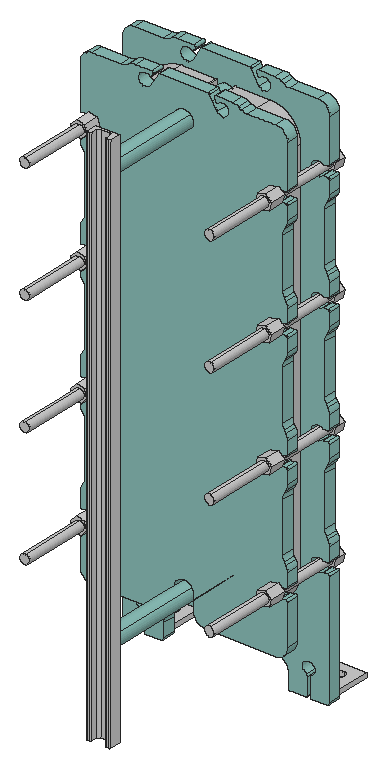
Revit family "Ekin_Endüstriyel - MIT514", category Specialty Equipment, Revit 2022
Family settings
  Round Connector Dimension = Use Diameter
  Part Type = Normal
  Work Plane-Based = No
  Always vertical = No
  Cut with Voids When Loaded = No
  Maintain Annotation Orientation = No
  Shared = No
  Room Calculation Point = No
Parameters (values of type "Threaded")
  URL = "https://en.ekinendustriyel.com/plate-heat-exchanger"
  Type Comments = ""
  Tightening Bolt [instance] = if(Design Pressure < 1006634.6 Pa, 16.00 mm, 30.00 mm)  # 16.00 mm
  Threaded Connection = yes
  Thickness_of_Plate [instance] = 0.50 mm  # constant formula
  Number_of_Plate [instance] = 20
  Model = if(Threaded Connection, if(Hygienic, if(Design Pressure < 1100000.0 Pa, "H12340000DD50L", if(Design Pressure < 1600000.0 Pa, " H12340000DD50M", " H12340000DD50H")), if(Design Pressure < 1000000.0 Pa, "E1234000DD50L", if(Design Pressure < 1600000.0 Pa, " E12340000DD50M", " E12340000DD50H"))), if(Hygienic, if(Design Pressure < 1100000.0 Pa, "H12340000F50L", if(Design Pressure < 1600000.0 Pa, " H12340000F50M", " H12340000F50H")), if(Design Pressure < 1000000.0 Pa, "E12340000F50L", if(Design Pressure < 1600000.0 Pa, " E12340000F50M", " E12340000F50H"))))  # "H12340000DD50L"
  Material = Galvanized Steel- S235JR
  Manufacturer = "Ekin Endüstriyel"
  M30 [instance] = Design Pressure > 1000000.0 Pa  # no
  M16 = Design Pressure < 1000001.0 Pa  # yes
  Lk [instance] = (Number_of_Plate) * ((Thickness_of_Plate) + 2.95 mm)  # 69.00 mm
  Lh [instance] = 920.00 mm  # constant formula
  Lf [instance] = 812.00 mm  # constant formula
  Lc [instance] = if(Number_of_Plate < 26, 250.00 mm, if(Number_of_Plate < 41, 350.00 mm, if(Number_of_Plate < 66, 500.00 mm, if(Number_of_Plate < 116, 750.00 mm, 1000.00 mm))))  # 250.00 mm
  La [instance] = 350.00 mm  # constant formula
  Keynote = ""
  Industrial [instance] = not(Hygienic)  # no
  Hygienic = yes
  Head & Follower Plate [instance] = if(Design Pressure < 1006634.6 Pa, 20.00 mm, if(Design Pressure < 1606478.4 Pa, 25.00 mm, 30.00 mm))  # 20.00 mm
  Follower Plate [instance] = -(Head & Follower Plate)  # -20.00 mm
  Flange Connection [instance] = not(Threaded Connection)  # no
  Design Pressure = 100 psi
  Description = if(Design Pressure < 1006634.6 Pa, "MIT - Heat Exchanger - 10 bar", if(Design Pressure < 1599583.7 Pa, " MIT - Heat Exchanger - 16 bar", " MIT - Heat Exchanger - 25 bar"))  # "MIT - Heat Exchanger - 10 bar"
  Default Elevation = 0.00 mm
Reference planes
  plane 1 "Center (Front/Back)": y = 0
  plane 2: z = 0
  plane 3 "Center (Left/Right)": x = 0
  plane 4: x = 1160
  plane 5: x = -1000
  plane 6 "2": y = -89
  plane 7 "1": y = -20
  plane 8 "3": y = -270
  plane 9 "Bolt End": y = 18.7
  plane 10: y = -250
Forms (mm)
  Extrusion 1, solid, material "Galvanized Steel", visible <- "Flange Connection", detail levels fine
    sketch origin (0, 0, 0) x (1, 0, 0) y (0, 0, 1)
      loop
        line (-106.715, 912) -> (-155, 912)
        arc (-155, 912) -> (-169.142, 906.142) -> (-175, 892) r 20
        line (-175, 892) -> (-175, 819.25)
        arc (-175, 819.25) -> (-174.121, 817.129) -> (-172, 816.25) r 3
        line (-172, 816.25) -> (-164.917, 816.25)
        arc (-164.917, 816.25) -> (-163.96, 816.407) -> (-163.103, 816.86) r 3
        arc (-163.103, 816.86) -> (-144.251, 807.5) -> (-163.103, 798.14) r 11.75
        arc (-163.103, 798.14) -> (-163.96, 798.593) -> (-164.917, 798.75) r 3
        line (-164.917, 798.75) -> (-172, 798.75)
        arc (-172, 798.75) -> (-174.121, 797.871) -> (-175, 795.75) r 3
        line (-175, 795.75) -> (-175, 774.215)
        arc (-175, 774.215) -> (-174.319, 769.039) -> (-172.321, 764.215) r 20
        line (-172.321, 764.215) -> (-169.679, 759.641)
        arc (-169.679, 759.641) -> (-167.681, 754.817) -> (-167, 749.641) r 20
        line (-167, 749.641) -> (-167, 665.359)
        arc (-167, 665.359) -> (-167.681, 660.183) -> (-169.679, 655.359) r 20
        line (-169.679, 655.359) -> (-172.321, 650.785)
        arc (-172.321, 650.785) -> (-174.319, 645.961) -> (-175, 640.785) r 20
        line (-175, 640.785) -> (-175, 619.25)
        arc (-175, 619.25) -> (-174.121, 617.129) -> (-172, 616.25) r 3
        line (-172, 616.25) -> (-164.917, 616.25)
        arc (-164.917, 616.25) -> (-163.96, 616.407) -> (-163.103, 616.86) r 3
        arc (-163.103, 616.86) -> (-144.251, 607.5) -> (-163.103, 598.14) r 11.75
        arc (-163.103, 598.14) -> (-163.96, 598.593) -> (-164.917, 598.75) r 3
        line (-164.917, 598.75) -> (-172, 598.75)
        arc (-172, 598.75) -> (-174.121, 597.871) -> (-175, 595.75) r 3
        line (-175, 595.75) -> (-175, 574.215)
        arc (-175, 574.215) -> (-174.319, 569.039) -> (-172.321, 564.215) r 20
        line (-172.321, 564.215) -> (-169.679, 559.641)
        arc (-169.679, 559.641) -> (-167.681, 554.817) -> (-167, 549.641) r 20
        line (-167, 549.641) -> (-167, 465.359)
        arc (-167, 465.359) -> (-167.681, 460.183) -> (-169.679, 455.359) r 20
        line (-169.679, 455.359) -> (-172.321, 450.785)
        arc (-172.321, 450.785) -> (-174.319, 445.961) -> (-175, 440.785) r 20
        line (-175, 440.785) -> (-175, 419.25)
        arc (-175, 419.25) -> (-174.121, 417.129) -> (-172, 416.25) r 3
        line (-172, 416.25) -> (-164.917, 416.25)
        arc (-164.917, 416.25) -> (-163.96, 416.407) -> (-163.103, 416.86) r 3
        arc (-163.103, 416.86) -> (-144.251, 407.5) -> (-163.103, 398.14) r 11.75
        arc (-163.103, 398.14) -> (-163.96, 398.593) -> (-164.917, 398.75) r 3
        line (-164.917, 398.75) -> (-172, 398.75)
        arc (-172, 398.75) -> (-174.121, 397.871) -> (-175, 395.75) r 3
        line (-175, 395.75) -> (-175, 374.215)
        arc (-175, 374.215) -> (-174.319, 369.039) -> (-172.321, 364.215) r 20
        line (-172.321, 364.215) -> (-169.679, 359.641)
        arc (-169.679, 359.641) -> (-167.681, 354.817) -> (-167, 349.641) r 20
        line (-167, 349.641) -> (-167, 265.359)
        arc (-167, 265.359) -> (-167.681, 260.183) -> (-169.679, 255.359) r 20
        line (-169.679, 255.359) -> (-172.321, 250.785)
        arc (-172.321, 250.785) -> (-174.319, 245.961) -> (-175, 240.785) r 20
        line (-175, 240.785) -> (-175, 219.25)
        arc (-175, 219.25) -> (-174.121, 217.129) -> (-172, 216.25) r 3
        line (-172, 216.25) -> (-164.917, 216.25)
        arc (-164.917, 216.25) -> (-163.96, 216.407) -> (-163.103, 216.86) r 3
        arc (-163.103, 216.86) -> (-144.251, 207.5) -> (-163.103, 198.14) r 11.75
        arc (-163.103, 198.14) -> (-163.96, 198.593) -> (-164.917, 198.75) r 3
        line (-164.917, 198.75) -> (-172, 198.75)
        arc (-172, 198.75) -> (-174.121, 197.871) -> (-175, 195.75) r 3
        line (-175, 195.75) -> (-175, 5)
        arc (-175, 5) -> (-173.536, 1.464) -> (-170, 0) r 5
        line (-170, 0) -> (-145.5, 0)
        arc (-145.5, 0) -> (-143.379, 0.879) -> (-142.5, 3) r 3
        line (-142.5, 3) -> (-142.5, 32.126)
        arc (-142.5, 32.126) -> (-142.996, 33.779) -> (-144.321, 34.884) r 3
        arc (-144.321, 34.884) -> (-140, 56) -> (-135.679, 34.884) r 11
        arc (-135.679, 34.884) -> (-137.004, 33.779) -> (-137.5, 32.126) r 3
        line (-137.5, 32.126) -> (-137.5, 3)
        arc (-137.5, 3) -> (-136.621, 0.879) -> (-134.5, 0) r 3
        line (-134.5, 0) -> (-110, 0)
        arc (-110, 0) -> (-106.464, 1.464) -> (-105, 5) r 5
        line (-105, 5) -> (-105, 28.787)
        arc (-105, 28.787) -> (-103.858, 34.527) -> (-100.607, 39.393) r 15
        line (-100.607, 39.393) -> (-74.393, 65.607)
        arc (-74.393, 65.607) -> (-69.527, 68.858) -> (-63.787, 70) r 15
        line (-63.787, 70) -> (63.787, 70)
        arc (63.787, 70) -> (69.527, 68.858) -> (74.393, 65.607) r 15
        line (74.393, 65.607) -> (100.607, 39.393)
        arc (100.607, 39.393) -> (103.858, 34.527) -> (105, 28.787) r 15
        line (105, 28.787) -> (105, 5)
        arc (105, 5) -> (106.464, 1.464) -> (110, 0) r 5
        line (110, 0) -> (134.5, 0)
        arc (134.5, 0) -> (136.621, 0.879) -> (137.5, 3) r 3
        line (137.5, 3) -> (137.5, 32.126)
        arc (137.5, 32.126) -> (137.004, 33.779) -> (135.679, 34.884) r 3
        arc (135.679, 34.884) -> (140, 56) -> (144.321, 34.884) r 11
        arc (144.321, 34.884) -> (142.996, 33.779) -> (142.5, 32.126) r 3
        line (142.5, 32.126) -> (142.5, 3)
        arc (142.5, 3) -> (143.379, 0.879) -> (145.5, 0) r 3
        line (145.5, 0) -> (170, 0)
        arc (170, 0) -> (173.536, 1.464) -> (175, 5) r 5
        line (175, 5) -> (175, 195.75)
        arc (175, 195.75) -> (174.121, 197.871) -> (172, 198.75) r 3
        line (172, 198.75) -> (164.917, 198.75)
        arc (164.917, 198.75) -> (163.96, 198.593) -> (163.103, 198.14) r 3
        arc (163.103, 198.14) -> (144.251, 207.5) -> (163.103, 216.86) r 11.75
        arc (163.103, 216.86) -> (163.96, 216.407) -> (164.917, 216.25) r 3
        line (164.917, 216.25) -> (172, 216.25)
        arc (172, 216.25) -> (174.121, 217.129) -> (175, 219.25) r 3
        line (175, 219.25) -> (175, 240.785)
        arc (175, 240.785) -> (174.319, 245.961) -> (172.321, 250.785) r 20
        line (172.321, 250.785) -> (169.679, 255.359)
        arc (169.679, 255.359) -> (167.681, 260.183) -> (167, 265.359) r 20
        line (167, 265.359) -> (167, 349.641)
        arc (167, 349.641) -> (167.681, 354.817) -> (169.679, 359.641) r 20
        line (169.679, 359.641) -> (172.321, 364.215)
        arc (172.321, 364.215) -> (174.319, 369.039) -> (175, 374.215) r 20
        line (175, 374.215) -> (175, 395.75)
        arc (175, 395.75) -> (174.121, 397.871) -> (172, 398.75) r 3
        line (172, 398.75) -> (164.917, 398.75)
        arc (164.917, 398.75) -> (163.96, 398.593) -> (163.103, 398.14) r 3
        arc (163.103, 398.14) -> (144.251, 407.5) -> (163.103, 416.86) r 11.75
        arc (163.103, 416.86) -> (163.96, 416.407) -> (164.917, 416.25) r 3
        line (164.917, 416.25) -> (172, 416.25)
        arc (172, 416.25) -> (174.121, 417.129) -> (175, 419.25) r 3
        line (175, 419.25) -> (175, 440.785)
        arc (175, 440.785) -> (174.319, 445.961) -> (172.321, 450.785) r 20
        line (172.321, 450.785) -> (169.679, 455.359)
        arc (169.679, 455.359) -> (167.681, 460.183) -> (167, 465.359) r 20
        line (167, 465.359) -> (167, 549.641)
        arc (167, 549.641) -> (167.681, 554.817) -> (169.679, 559.641) r 20
        line (169.679, 559.641) -> (172.321, 564.215)
        arc (172.321, 564.215) -> (174.319, 569.039) -> (175, 574.215) r 20
        line (175, 574.215) -> (175, 595.75)
        arc (175, 595.75) -> (174.121, 597.871) -> (172, 598.75) r 3
        line (172, 598.75) -> (164.917, 598.75)
        arc (164.917, 598.75) -> (163.96, 598.593) -> (163.103, 598.14) r 3
        arc (163.103, 598.14) -> (144.251, 607.5) -> (163.103, 616.86) r 11.75
        arc (163.103, 616.86) -> (163.96, 616.407) -> (164.917, 616.25) r 3
        line (164.917, 616.25) -> (172, 616.25)
        arc (172, 616.25) -> (174.121, 617.129) -> (175, 619.25) r 3
        line (175, 619.25) -> (175, 640.785)
        arc (175, 640.785) -> (174.319, 645.961) -> (172.321, 650.785) r 20
        line (172.321, 650.785) -> (169.679, 655.359)
        arc (169.679, 655.359) -> (167.681, 660.183) -> (167, 665.359) r 20
        line (167, 665.359) -> (167, 749.641)
        arc (167, 749.641) -> (167.681, 754.817) -> (169.679, 759.641) r 20
        line (169.679, 759.641) -> (172.321, 764.215)
        arc (172.321, 764.215) -> (174.319, 769.039) -> (175, 774.215) r 20
        line (175, 774.215) -> (175, 795.75)
        arc (175, 795.75) -> (174.121, 797.871) -> (172, 798.75) r 3
        line (172, 798.75) -> (164.917, 798.75)
        arc (164.917, 798.75) -> (163.96, 798.593) -> (163.103, 798.14) r 3
        arc (163.103, 798.14) -> (144.251, 807.5) -> (163.103, 816.86) r 11.75
        arc (163.103, 816.86) -> (163.96, 816.407) -> (164.917, 816.25) r 3
        line (164.917, 816.25) -> (172, 816.25)
        arc (172, 816.25) -> (174.121, 817.129) -> (175, 819.25) r 3
        line (175, 819.25) -> (175, 892)
        arc (175, 892) -> (169.142, 906.142) -> (155, 912) r 20
        line (155, 912) -> (106.715, 912)
        arc (106.715, 912) -> (101.539, 912.681) -> (96.715, 914.679) r 20
        line (96.715, 914.679) -> (92.141, 917.321)
        arc (92.141, 917.321) -> (87.317, 919.319) -> (82.141, 920) r 20
        line (82.141, 920) -> (54.608, 920)
        arc (54.608, 920) -> (52.01, 918.5) -> (52.01, 915.5) r 3
        line (52.01, 915.5) -> (53.742, 912.5)
        arc (53.742, 912.5) -> (55.773, 911.054) -> (58.196, 911.643) r 3
        arc (58.196, 911.643) -> (75.802, 900.921) -> (55.474, 897.5) r 11
        line (55.474, 897.5) -> (43.349, 918.5)
        arc (43.349, 918.5) -> (42.251, 919.598) -> (40.751, 920) r 3
        line (40.751, 920) -> (-40.751, 920)
        arc (-40.751, 920) -> (-42.251, 919.598) -> (-43.349, 918.5) r 3
        line (-43.349, 918.5) -> (-55.474, 897.5)
        arc (-55.474, 897.5) -> (-75.802, 900.921) -> (-58.196, 911.643) r 11
        arc (-58.196, 911.643) -> (-55.773, 911.054) -> (-53.742, 912.5) r 3
        line (-53.742, 912.5) -> (-52.01, 915.5)
        arc (-52.01, 915.5) -> (-52.01, 918.5) -> (-54.608, 920) r 3
        line (-54.608, 920) -> (-82.141, 920)
        arc (-82.141, 920) -> (-87.317, 919.319) -> (-92.141, 917.321) r 20
        line (-92.141, 917.321) -> (-96.715, 914.679)
        arc (-96.715, 914.679) -> (-101.539, 912.681) -> (-106.715, 912) r 20
      loop
        circle (-70, 827.5) r 32.5
      loop
        circle (70, 827.5) r 32.5
      loop
        circle (-70, 187.5) r 32.5
      loop
        circle (70, 187.5) r 32.5
      loop
        circle (-112, 145.5) r 7
      loop
        circle (112, 145.5) r 7
      loop
        circle (28, 145.5) r 7
      loop
        circle (-28, 145.5) r 7
      loop
        circle (-112, 229.5) r 7
      loop
        circle (112, 229.5) r 7
      loop
        circle (28, 229.5) r 7
      loop
        circle (-28, 229.5) r 7
      loop
        circle (-112, 785.5) r 7
      loop
        circle (112, 785.5) r 7
      loop
        circle (28, 785.5) r 7
      loop
        circle (-28, 785.5) r 7
      loop
        circle (-112, 869.5) r 7
      loop
        circle (112, 869.5) r 7
      loop
        circle (28, 869.5) r 7
      loop
        circle (-28, 869.5) r 7
      loop
        circle (0, 149) r 6.25
      loop
        circle (0, 866) r 6.25
    from 0 to 20 <- "Head & Follower Plate"
  Extrusion 2, solid, material "AISI 316L/Titanium/Hastelloy", detail levels fine
    sketch origin (0, -20, 0) x (-1, 0, 0) y (0, 0, 1)
      loop
        line (-125, 832.5) -> (-125, 182.5)
        arc (-125, 182.5) -> (-110.355, 147.145) -> (-75, 132.5) r 50
        line (-75, 132.5) -> (-17, 132.5)
        arc (-17, 132.5) -> (-15.586, 133.086) -> (-15, 134.5) r 2
        line (-15, 134.5) -> (-15, 149.5)
        arc (-15, 149.5) -> (0, 164.5) -> (15, 149.5) r 15
        line (15, 149.5) -> (15, 134.5)
        arc (15, 134.5) -> (15.586, 133.086) -> (17, 132.5) r 2
        line (17, 132.5) -> (75, 132.5)
        arc (75, 132.5) -> (110.355, 147.145) -> (125, 182.5) r 50
        line (125, 182.5) -> (125, 832.5)
        arc (125, 832.5) -> (110.355, 867.855) -> (75, 882.5) r 50
        line (75, 882.5) -> (17, 882.5)
        arc (17, 882.5) -> (15.586, 881.914) -> (15, 880.5) r 2
        line (15, 880.5) -> (15, 865.5)
        arc (15, 865.5) -> (0, 850.5) -> (-15, 865.5) r 15
        line (-15, 865.5) -> (-15, 880.5)
        arc (-15, 880.5) -> (-15.586, 881.914) -> (-17, 882.5) r 2
        line (-17, 882.5) -> (-75, 882.5)
        arc (-75, 882.5) -> (-110.355, 867.855) -> (-125, 832.5) r 50
      loop
        circle (70, 827.5) r 32.5
      loop
        circle (-70, 827.5) r 32.5
      loop
        circle (-70, 187.5) r 32.5
      loop
        circle (70, 187.5) r 32.5
    from 0 to -69
  Extrusion 3, solid, material "Galvanized Steel", detail levels fine
    sketch origin (0, -89, 0) x (-1, 0, 0) y (0, 0, 1)
      loop
        arc (-16.5, 153) -> (0, 169.5) -> (16.5, 153) r 16.5
        line (16.5, 153) -> (16.5, 127.5)
        arc (16.5, 127.5) -> (22.358, 113.358) -> (36.5, 107.5) r 20
        line (36.5, 107.5) -> (155, 107.5)
        arc (155, 107.5) -> (169.142, 113.358) -> (175, 127.5) r 20
        line (175, 127.5) -> (175, 195.751)
        arc (175, 195.751) -> (174.121, 197.872) -> (172, 198.751) r 3
        line (172, 198.751) -> (164.917, 198.751)
        arc (164.917, 198.751) -> (163.96, 198.594) -> (163.103, 198.14) r 3
        arc (163.103, 198.14) -> (144.25, 207.5) -> (163.103, 216.86) r 11.75
        arc (163.103, 216.86) -> (163.96, 216.406) -> (164.917, 216.249) r 3
        line (164.917, 216.249) -> (172, 216.249)
        arc (172, 216.249) -> (174.121, 217.128) -> (175, 219.249) r 3
        line (175, 219.249) -> (175, 240.785)
        arc (175, 240.785) -> (174.319, 245.961) -> (172.321, 250.785) r 20
        line (172.321, 250.785) -> (169.679, 255.359)
        arc (169.679, 255.359) -> (167.681, 260.183) -> (167, 265.359) r 20
        line (167, 265.359) -> (167, 349.641)
        arc (167, 349.641) -> (167.681, 354.817) -> (169.679, 359.641) r 20
        line (169.679, 359.641) -> (172.321, 364.215)
        arc (172.321, 364.215) -> (174.319, 369.039) -> (175, 374.215) r 20
        line (175, 374.215) -> (175, 395.751)
        arc (175, 395.751) -> (174.121, 397.872) -> (172, 398.751) r 3
        line (172, 398.751) -> (164.917, 398.751)
        arc (164.917, 398.751) -> (163.96, 398.594) -> (163.103, 398.14) r 3
        arc (163.103, 398.14) -> (144.25, 407.5) -> (163.103, 416.86) r 11.75
        arc (163.103, 416.86) -> (163.96, 416.406) -> (164.917, 416.249) r 3
        line (164.917, 416.249) -> (172, 416.249)
        arc (172, 416.249) -> (174.121, 417.128) -> (175, 419.249) r 3
        line (175, 419.249) -> (175, 440.785)
        arc (175, 440.785) -> (174.319, 445.961) -> (172.321, 450.785) r 20
        line (172.321, 450.785) -> (169.679, 455.359)
        arc (169.679, 455.359) -> (167.681, 460.183) -> (167, 465.359) r 20
        line (167, 465.359) -> (167, 549.641)
        arc (167, 549.641) -> (167.681, 554.817) -> (169.679, 559.641) r 20
        line (169.679, 559.641) -> (172.321, 564.215)
        arc (172.321, 564.215) -> (174.319, 569.039) -> (175, 574.215) r 20
        line (175, 574.215) -> (175, 595.751)
        arc (175, 595.751) -> (174.121, 597.872) -> (172, 598.751) r 3
        line (172, 598.751) -> (164.917, 598.751)
        arc (164.917, 598.751) -> (163.96, 598.594) -> (163.103, 598.14) r 3
        arc (163.103, 598.14) -> (144.25, 607.5) -> (163.103, 616.86) r 11.75
        arc (163.103, 616.86) -> (163.96, 616.406) -> (164.917, 616.249) r 3
        line (164.917, 616.249) -> (172, 616.249)
        arc (172, 616.249) -> (174.121, 617.128) -> (175, 619.249) r 3
        line (175, 619.249) -> (175, 640.785)
        arc (175, 640.785) -> (174.319, 645.961) -> (172.321, 650.785) r 20
        line (172.321, 650.785) -> (169.679, 655.359)
        arc (169.679, 655.359) -> (167.681, 660.183) -> (167, 665.359) r 20
        line (167, 665.359) -> (167, 749.641)
        arc (167, 749.641) -> (167.681, 754.817) -> (169.679, 759.641) r 20
        line (169.679, 759.641) -> (172.321, 764.215)
        arc (172.321, 764.215) -> (174.319, 769.039) -> (175, 774.215) r 20
        line (175, 774.215) -> (175, 795.751)
        arc (175, 795.751) -> (174.121, 797.872) -> (172, 798.751) r 3
        line (172, 798.751) -> (164.917, 798.751)
        arc (164.917, 798.751) -> (163.96, 798.594) -> (163.103, 798.141) r 3
        arc (163.103, 798.141) -> (144.25, 807.501) -> (163.103, 816.86) r 11.75
        arc (163.103, 816.86) -> (163.96, 816.407) -> (164.917, 816.25) r 3
        line (164.917, 816.25) -> (172, 816.25)
        arc (172, 816.25) -> (174.121, 817.129) -> (175, 819.25) r 3
        line (175, 819.25) -> (175, 892)
        arc (175, 892) -> (169.142, 906.142) -> (155, 912) r 20
        line (155, 912) -> (106.715, 912)
        arc (106.715, 912) -> (101.539, 912.681) -> (96.715, 914.679) r 20
        line (96.715, 914.679) -> (92.141, 917.321)
        arc (92.141, 917.321) -> (87.317, 919.319) -> (82.141, 920) r 20
        line (82.141, 920) -> (54.608, 920)
        arc (54.608, 920) -> (52.01, 918.5) -> (52.01, 915.5) r 3
        line (52.01, 915.5) -> (53.742, 912.5)
        arc (53.742, 912.5) -> (55.773, 911.054) -> (58.196, 911.643) r 3
        arc (58.196, 911.643) -> (75.802, 900.921) -> (55.474, 897.5) r 11
        line (55.474, 897.5) -> (43.349, 918.5)
        arc (43.349, 918.5) -> (42.251, 919.598) -> (40.751, 920) r 3
        line (40.751, 920) -> (-40.751, 920)
        arc (-40.751, 920) -> (-42.251, 919.598) -> (-43.349, 918.5) r 3
        line (-43.349, 918.5) -> (-55.474, 897.5)
        arc (-55.474, 897.5) -> (-75.802, 900.921) -> (-58.196, 911.643) r 11
        arc (-58.196, 911.643) -> (-55.773, 911.054) -> (-53.742, 912.5) r 3
        line (-53.742, 912.5) -> (-52.01, 915.5)
        arc (-52.01, 915.5) -> (-52.01, 918.5) -> (-54.608, 920) r 3
        line (-54.608, 920) -> (-82.141, 920)
        arc (-82.141, 920) -> (-87.317, 919.319) -> (-92.141, 917.321) r 20
        line (-92.141, 917.321) -> (-96.715, 914.679)
        arc (-96.715, 914.679) -> (-101.539, 912.681) -> (-106.715, 912) r 20
        line (-106.715, 912) -> (-155, 912)
        arc (-155, 912) -> (-169.142, 906.142) -> (-175, 892) r 20
        line (-175, 892) -> (-175, 819.25)
        arc (-175, 819.25) -> (-174.121, 817.129) -> (-172, 816.25) r 3
        line (-172, 816.25) -> (-164.917, 816.25)
        arc (-164.917, 816.25) -> (-163.96, 816.407) -> (-163.103, 816.86) r 3
        arc (-163.103, 816.86) -> (-144.25, 807.501) -> (-163.103, 798.141) r 11.75
        arc (-163.103, 798.141) -> (-163.96, 798.594) -> (-164.917, 798.751) r 3
        line (-164.917, 798.751) -> (-172, 798.751)
        arc (-172, 798.751) -> (-174.121, 797.872) -> (-175, 795.751) r 3
        line (-175, 795.751) -> (-175, 774.215)
        arc (-175, 774.215) -> (-174.319, 769.039) -> (-172.321, 764.215) r 20
        line (-172.321, 764.215) -> (-169.679, 759.641)
        arc (-169.679, 759.641) -> (-167.681, 754.817) -> (-167, 749.641) r 20
        line (-167, 749.641) -> (-167, 665.359)
        arc (-167, 665.359) -> (-167.681, 660.183) -> (-169.679, 655.359) r 20
        line (-169.679, 655.359) -> (-172.321, 650.785)
        arc (-172.321, 650.785) -> (-174.319, 645.961) -> (-175, 640.785) r 20
        line (-175, 640.785) -> (-175, 619.249)
        arc (-175, 619.249) -> (-174.121, 617.128) -> (-172, 616.249) r 3
        line (-172, 616.249) -> (-164.917, 616.249)
        arc (-164.917, 616.249) -> (-163.96, 616.406) -> (-163.103, 616.86) r 3
        arc (-163.103, 616.86) -> (-144.25, 607.5) -> (-163.103, 598.14) r 11.75
        arc (-163.103, 598.14) -> (-163.96, 598.594) -> (-164.917, 598.751) r 3
        line (-164.917, 598.751) -> (-172, 598.751)
        arc (-172, 598.751) -> (-174.121, 597.872) -> (-175, 595.751) r 3
        line (-175, 595.751) -> (-175, 574.215)
        arc (-175, 574.215) -> (-174.319, 569.039) -> (-172.321, 564.215) r 20
        line (-172.321, 564.215) -> (-169.679, 559.641)
        arc (-169.679, 559.641) -> (-167.681, 554.817) -> (-167, 549.641) r 20
        line (-167, 549.641) -> (-167, 465.359)
        arc (-167, 465.359) -> (-167.681, 460.183) -> (-169.679, 455.359) r 20
        line (-169.679, 455.359) -> (-172.321, 450.785)
        arc (-172.321, 450.785) -> (-174.319, 445.961) -> (-175, 440.785) r 20
        line (-175, 440.785) -> (-175, 419.249)
        arc (-175, 419.249) -> (-174.121, 417.128) -> (-172, 416.249) r 3
        line (-172, 416.249) -> (-164.917, 416.249)
        arc (-164.917, 416.249) -> (-163.96, 416.406) -> (-163.103, 416.86) r 3
        arc (-163.103, 416.86) -> (-144.25, 407.5) -> (-163.103, 398.14) r 11.75
        arc (-163.103, 398.14) -> (-163.96, 398.594) -> (-164.917, 398.751) r 3
        line (-164.917, 398.751) -> (-172, 398.751)
        arc (-172, 398.751) -> (-174.121, 397.872) -> (-175, 395.751) r 3
        line (-175, 395.751) -> (-175, 374.215)
        arc (-175, 374.215) -> (-174.319, 369.039) -> (-172.321, 364.215) r 20
        line (-172.321, 364.215) -> (-169.679, 359.641)
        arc (-169.679, 359.641) -> (-167.681, 354.817) -> (-167, 349.641) r 20
        line (-167, 349.641) -> (-167, 265.359)
        arc (-167, 265.359) -> (-167.681, 260.183) -> (-169.679, 255.359) r 20
        line (-169.679, 255.359) -> (-172.321, 250.785)
        arc (-172.321, 250.785) -> (-174.319, 245.961) -> (-175, 240.785) r 20
        line (-175, 240.785) -> (-175, 219.249)
        arc (-175, 219.249) -> (-174.121, 217.128) -> (-172, 216.249) r 3
        line (-172, 216.249) -> (-164.917, 216.249)
        arc (-164.917, 216.249) -> (-163.96, 216.406) -> (-163.103, 216.86) r 3
        arc (-163.103, 216.86) -> (-144.25, 207.5) -> (-163.103, 198.14) r 11.75
        arc (-163.103, 198.14) -> (-163.96, 198.594) -> (-164.917, 198.751) r 3
        line (-164.917, 198.751) -> (-172, 198.751)
        arc (-172, 198.751) -> (-174.121, 197.872) -> (-175, 195.751) r 3
        line (-175, 195.751) -> (-175, 127.5)
        arc (-175, 127.5) -> (-169.142, 113.358) -> (-155, 107.5) r 20
        line (-155, 107.5) -> (-36.5, 107.5)
        arc (-36.5, 107.5) -> (-22.358, 113.358) -> (-16.5, 127.5) r 20
        line (-16.5, 127.5) -> (-16.5, 153)
      loop
        circle (0, 866) r 16
    from -20 <- "Follower Plate" to 0
  Extrusion 4, solid, material "Galvanized Steel"
    sketch origin (0, -20, 0) x (-1, 0, 0) y (0, 0, 1)
      loop
        circle (0, 866) r 15
      loop
        circle (0, 149) r 15
    from -250 to 0
  Extrusion 5, solid, material "Galvanized Steel- S235JR", visible <- "M16", detail levels medium+fine
    sketch origin (0, 0, 0) x (1, 0, 0) y (0, 0, 1)
      loop
        circle (-156.001, 207.5) r 8
      loop
        circle (-156.001, 407.5) r 8
      loop
        circle (-156.001, 607.5) r 8
      loop
        circle (-156.001, 807.5) r 8
      loop
        circle (155.999, 807.5) r 8
      loop
        circle (155.999, 607.5) r 8
      loop
        circle (155.999, 407.5) r 8
      loop
        circle (155.999, 207.5) r 8
    from 250 to 0
  Extrusion 6, solid, material "Galvanized Steel", detail levels medium
    sketch origin (0, 0, 0) x (1, 0, 0) y (0, 0, 1)
      loop
        line (-101.356, 912) -> (-175, 912) -> (-175, 768.856) -> (-167, 755) -> (-167, 660) -> (-175, 646.144) -> (-175, 568.856) -> (-167, 555) -> (-167, 460) -> (-175, 446.144) -> (-175, 368.856) -> (-167, 355) -> (-167, 260) -> (-175, 246.144) -> (-175, 0) -> (-105, 0) -> (-105, 35) -> (-70, 70) -> (70, 70) -> (105, 35) -> (105, 0) -> (175, 0) -> (175, 246.144) -> (167, 260) -> (167, 355) -> (175, 368.856) -> (175, 446.144) -> (167, 460) -> (167, 555) -> (175, 568.856) -> (175, 646.144) -> (167, 660) -> (167, 755) -> (175, 768.856) -> (175, 912) -> (101.356, 912) -> (87.5, 920) -> (-87.5, 920) -> (-101.356, 912)
      loop
        circle (-70, 827.5) r 32.5
      loop
        circle (-70, 187.5) r 32.5
      loop
        circle (0, 149) r 6.25
      loop
        circle (0, 866) r 6.25
      loop
        circle (-65, 903) r 11
      loop
        circle (-156.001, 207.5) r 11.75
      loop
        circle (-140, 45) r 11
      loop
        circle (-156.001, 407.5) r 11.75
      loop
        circle (-156.001, 807.5) r 11.75
      loop
        circle (-156.001, 607.5) r 11.75
      loop
        circle (70, 827.5) r 32.5
      loop
        circle (70, 187.5) r 32.5
      loop
        circle (65, 903) r 11
      loop
        circle (156.001, 207.5) r 11.75
      loop
        circle (140, 45) r 11
      loop
        circle (156.001, 407.5) r 11.75
      loop
        circle (156.001, 807.5) r 11.75
      loop
        circle (156.001, 607.5) r 11.75
    from 0 to 20 <- "Head & Follower Plate"
  Extrusion 7, solid, material "Painted Stell", detail levels medium+fine
    sketch origin (0, 0, 318) x (-1, 0, 0) y (0, -1, 0)
      loop
        line (20, 270) -> (20, 288)
        arc (20, 288) -> (19.414, 289.414) -> (18, 290) r 2
        line (18, 290) -> (14, 290)
        arc (14, 290) -> (12.586, 289.414) -> (12, 288) r 2
        line (12, 288) -> (12, 280)
        arc (12, 280) -> (10.536, 276.464) -> (7, 275) r 5
        line (7, 275) -> (-7, 275)
        arc (-7, 275) -> (-10.536, 276.464) -> (-12, 280) r 5
        line (-12, 280) -> (-12, 288)
        arc (-12, 288) -> (-12.586, 289.414) -> (-14, 290) r 2
        line (-14, 290) -> (-18, 290)
        arc (-18, 290) -> (-19.414, 289.414) -> (-20, 288) r 2
        line (-20, 288) -> (-20, 270) -> (20, 270)
    from -318 to 602
  Extrusion 8, solid, material "Galvanized Steel- S235JR", visible <- "M16", detail levels medium+fine
    sketch origin (0, 0, 0) x (1, 0, 0) y (0, 0, 1)
      loop
        line (169.412, 810.98) -> (159.692, 820.855) -> (146.28, 817.375) -> (142.587, 804.02) -> (152.307, 794.145) -> (165.719, 797.625) -> (169.412, 810.98)
      loop
        line (-169.412, 810.98) -> (-165.719, 797.625) -> (-152.307, 794.145) -> (-142.587, 804.02) -> (-146.28, 817.375) -> (-159.692, 820.855) -> (-169.412, 810.98)
      loop
        line (169.412, 610.98) -> (159.692, 620.855) -> (146.28, 617.375) -> (142.587, 604.02) -> (152.307, 594.145) -> (165.719, 597.625) -> (169.412, 610.98)
      loop
        line (-169.412, 610.98) -> (-165.719, 597.625) -> (-152.307, 594.145) -> (-142.587, 604.02) -> (-146.28, 617.375) -> (-159.692, 620.855) -> (-169.412, 610.98)
      loop
        line (169.412, 410.98) -> (159.692, 420.855) -> (146.28, 417.375) -> (142.587, 404.02) -> (152.307, 394.145) -> (165.719, 397.625) -> (169.412, 410.98)
      loop
        line (-169.412, 410.98) -> (-165.719, 397.625) -> (-152.307, 394.145) -> (-142.587, 404.02) -> (-146.28, 417.375) -> (-159.692, 420.855) -> (-169.412, 410.98)
      loop
        line (169.412, 210.98) -> (159.692, 220.855) -> (146.28, 217.375) -> (142.587, 204.02) -> (152.307, 194.145) -> (165.719, 197.625) -> (169.412, 210.98)
      loop
        line (-169.412, 210.98) -> (-165.719, 197.625) -> (-152.307, 194.145) -> (-142.587, 204.02) -> (-146.28, 217.375) -> (-159.692, 220.855) -> (-169.412, 210.98)
    from 0 to -18.7
  Extrusion 9, solid, material "Galvanized Steel- S235JR", visible <- "M16", detail levels medium+fine
    sketch origin (0, -109, 0) x (1, 0, 0) y (0, 0, 1)
      loop
        line (169.492, 810.654) -> (160.015, 820.762) -> (146.522, 817.608) -> (142.507, 804.346) -> (151.984, 794.238) -> (165.477, 797.392) -> (169.492, 810.654)
      loop
        line (169.492, 610.654) -> (160.015, 620.762) -> (146.522, 617.608) -> (142.507, 604.346) -> (151.984, 594.238) -> (165.477, 597.392) -> (169.492, 610.654)
      loop
        line (169.492, 410.656) -> (160.015, 420.765) -> (146.522, 417.611) -> (142.507, 404.349) -> (151.984, 394.241) -> (165.477, 397.395) -> (169.492, 410.656)
      loop
        line (169.492, 210.654) -> (160.015, 220.762) -> (146.522, 217.608) -> (142.507, 204.346) -> (151.984, 194.238) -> (165.477, 197.392) -> (169.492, 210.654)
      loop
        line (-169.492, 810.654) -> (-165.477, 797.392) -> (-151.984, 794.238) -> (-142.507, 804.346) -> (-146.522, 817.608) -> (-160.015, 820.762) -> (-169.492, 810.654)
      loop
        line (-169.492, 610.654) -> (-165.477, 597.392) -> (-151.984, 594.238) -> (-142.507, 604.346) -> (-146.522, 617.608) -> (-160.015, 620.762) -> (-169.492, 610.654)
      loop
        line (-169.492, 410.656) -> (-165.477, 397.395) -> (-151.984, 394.241) -> (-142.507, 404.349) -> (-146.522, 417.611) -> (-160.015, 420.765) -> (-169.492, 410.656)
      loop
        line (-169.492, 210.654) -> (-165.477, 197.392) -> (-151.984, 194.238) -> (-142.507, 204.346) -> (-146.522, 217.608) -> (-160.015, 220.762) -> (-169.492, 210.654)
    from 0 to 26.7
  Extrusion 10, solid, material "Galvanized Steel- S235JR", visible <- "M30", detail levels medium+fine
    sketch origin (0, -109, 0) x (1, 0, 0) y (0, 0, 1)
      loop
        line (-182.984, 613.807) -> (-174.953, 587.283) -> (-147.968, 580.976) -> (-129.013, 601.193) -> (-137.043, 627.717) -> (-164.029, 634.024) -> (-182.984, 613.807)
      loop
        line (-182.984, 813.807) -> (-174.953, 787.283) -> (-147.968, 780.976) -> (-129.013, 801.193) -> (-137.043, 827.717) -> (-164.029, 834.024) -> (-182.984, 813.807)
      loop
        line (-182.984, 413.807) -> (-174.953, 387.283) -> (-147.968, 380.976) -> (-129.013, 401.193) -> (-137.043, 427.717) -> (-164.029, 434.024) -> (-182.984, 413.807)
      loop
        line (-182.984, 213.807) -> (-174.953, 187.283) -> (-147.968, 180.976) -> (-129.013, 201.193) -> (-137.043, 227.717) -> (-164.029, 234.024) -> (-182.984, 213.807)
      loop
        line (182.984, 613.807) -> (164.029, 634.024) -> (137.043, 627.717) -> (129.013, 601.193) -> (147.968, 580.976) -> (174.953, 587.283) -> (182.984, 613.807)
      loop
        line (182.984, 813.807) -> (164.029, 834.024) -> (137.043, 827.717) -> (129.013, 801.193) -> (147.968, 780.976) -> (174.953, 787.283) -> (182.984, 813.807)
      loop
        line (182.984, 413.807) -> (164.029, 434.024) -> (137.043, 427.717) -> (129.013, 401.193) -> (147.968, 380.976) -> (174.953, 387.283) -> (182.984, 413.807)
      loop
        line (182.984, 213.807) -> (164.029, 234.024) -> (137.043, 227.717) -> (129.013, 201.193) -> (147.968, 180.976) -> (174.953, 187.283) -> (182.984, 213.807)
    from 0 to 26.7
  Extrusion 11, solid, material "Galvanized Steel- S235JR", visible <- "M30", detail levels medium+fine
    sketch origin (0, 0, 0) x (1, 0, 0) y (0, 0, 1)
      loop
        line (-182.824, 614.46) -> (-175.439, 587.749) -> (-148.614, 580.789) -> (-129.175, 600.54) -> (-136.56, 627.251) -> (-163.384, 634.211) -> (-182.824, 614.46)
      loop
        line (-182.824, 814.46) -> (-175.439, 787.749) -> (-148.614, 780.789) -> (-129.175, 800.54) -> (-136.56, 827.251) -> (-163.384, 834.211) -> (-182.824, 814.46)
      loop
        line (-182.824, 414.459) -> (-175.439, 387.749) -> (-148.614, 380.789) -> (-129.175, 400.54) -> (-136.56, 427.25) -> (-163.384, 434.21) -> (-182.824, 414.459)
      loop
        line (-182.824, 214.459) -> (-175.439, 187.749) -> (-148.614, 180.789) -> (-129.175, 200.54) -> (-136.56, 227.25) -> (-163.384, 234.21) -> (-182.824, 214.459)
      loop
        line (182.824, 614.46) -> (163.384, 634.211) -> (136.56, 627.251) -> (129.175, 600.54) -> (148.614, 580.789) -> (175.439, 587.749) -> (182.824, 614.46)
      loop
        line (182.824, 814.46) -> (163.384, 834.211) -> (136.56, 827.251) -> (129.175, 800.54) -> (148.614, 780.789) -> (175.439, 787.749) -> (182.824, 814.46)
      loop
        line (182.824, 414.459) -> (163.384, 434.21) -> (136.56, 427.25) -> (129.175, 400.54) -> (148.614, 380.789) -> (175.439, 387.749) -> (182.824, 414.459)
      loop
        line (182.824, 214.459) -> (163.384, 234.21) -> (136.56, 227.25) -> (129.175, 200.54) -> (148.614, 180.789) -> (175.439, 187.749) -> (182.824, 214.459)
    from 0 to -20.261
  Extrusion 12, solid, material "Painted Stell", visible <- "Flange Connection", detail levels fine
    sketch origin (0, 0, 0) x (1, 0, 0) y (0, 0, 1)
      loop
        line (115.5, 885) -> (24.5, 885) -> (12.5, 873) -> (12.5, 782) -> (24.5, 770) -> (115.5, 770) -> (127.5, 782) -> (127.5, 873) -> (115.5, 885)
      loop
        circle (70, 827.5) r 31.5
      loop
        circle (112, 869.5) r 9.5
      loop
        circle (28, 869.5) r 9.5
      loop
        circle (112, 785.5) r 9.5
      loop
        circle (28, 785.5) r 9.5
      loop
        line (-115.5, 885) -> (-127.5, 873) -> (-127.5, 782) -> (-115.5, 770) -> (-24.5, 770) -> (-12.5, 782) -> (-12.5, 873) -> (-24.5, 885) -> (-115.5, 885)
      loop
        circle (-70, 827.5) r 31.5
      loop
        circle (-112, 869.5) r 9.5
      loop
        circle (-28, 869.5) r 9.5
      loop
        circle (-112, 785.5) r 9.5
      loop
        circle (-28, 785.5) r 9.5
      loop
        line (115.5, 245) -> (24.5, 245) -> (12.5, 233) -> (12.5, 142) -> (24.5, 130) -> (115.5, 130) -> (127.5, 142) -> (127.5, 233) -> (115.5, 245)
      loop
        circle (70, 187.5) r 31.5
      loop
        circle (112, 229.5) r 9.5
      loop
        circle (28, 229.5) r 9.5
      loop
        circle (112, 145.5) r 9.5
      loop
        circle (28, 145.5) r 9.5
      loop
        line (-115.5, 245) -> (-127.5, 233) -> (-127.5, 142) -> (-115.5, 130) -> (-24.5, 130) -> (-12.5, 142) -> (-12.5, 233) -> (-24.5, 245) -> (-115.5, 245)
      loop
        circle (-70, 187.5) r 31.5
      loop
        circle (-112, 229.5) r 9.5
      loop
        circle (-28, 229.5) r 9.5
      loop
        circle (-112, 145.5) r 9.5
      loop
        circle (-28, 145.5) r 9.5
    from 0 to -15
  Extrusion 13, solid, material "Painted Stell", visible <- "Flange Connection", detail levels medium
    sketch origin (0, 0, 0) x (1, 0, 0) y (0, 0, 1)
      loop
        line (115.5, 885) -> (24.5, 885) -> (12.5, 873) -> (12.5, 782) -> (24.5, 770) -> (115.5, 770) -> (127.5, 782) -> (127.5, 873) -> (115.5, 885)
      loop
        circle (70, 827.5) r 31.5
      loop
        line (-115.5, 885) -> (-127.5, 873) -> (-127.5, 782) -> (-115.5, 770) -> (-24.5, 770) -> (-12.5, 782) -> (-12.5, 873) -> (-24.5, 885) -> (-115.5, 885)
      loop
        circle (-70, 827.5) r 31.5
      loop
        line (115.5, 245) -> (24.5, 245) -> (12.5, 233) -> (12.5, 142) -> (24.5, 130) -> (115.5, 130) -> (127.5, 142) -> (127.5, 233) -> (115.5, 245)
      loop
        circle (70, 187.5) r 31.5
      loop
        line (-115.5, 245) -> (-127.5, 233) -> (-127.5, 142) -> (-115.5, 130) -> (-24.5, 130) -> (-12.5, 142) -> (-12.5, 233) -> (-24.5, 245) -> (-115.5, 245)
      loop
        circle (-70, 187.5) r 31.5
    from 0 to -15
  Extrusion 14, solid, material "Painted Stell", visible <- "Flange Connection", detail levels coarse
    sketch origin (0, 0, 0) x (1, 0, 0) y (0, 0, 1)
      loop
        line (115.5, 885) -> (24.5, 885) -> (12.5, 873) -> (12.5, 782) -> (24.5, 770) -> (115.5, 770) -> (127.5, 782) -> (127.5, 873) -> (115.5, 885)
      loop
        line (-115.5, 885) -> (-127.5, 873) -> (-127.5, 782) -> (-115.5, 770) -> (-24.5, 770) -> (-12.5, 782) -> (-12.5, 873) -> (-24.5, 885) -> (-115.5, 885)
      loop
        line (115.5, 245) -> (24.5, 245) -> (12.5, 233) -> (12.5, 142) -> (24.5, 130) -> (115.5, 130) -> (127.5, 142) -> (127.5, 233) -> (115.5, 245)
      loop
        line (-115.5, 245) -> (-127.5, 233) -> (-127.5, 142) -> (-115.5, 130) -> (-24.5, 130) -> (-12.5, 142) -> (-12.5, 233) -> (-24.5, 245) -> (-115.5, 245)
    from 0 to -15
  Extrusion 15, solid, material "AISI 316L/Titanium/Hastelloy", detail levels medium
    sketch origin (0, -20, 0) x (-1, 0, 0) y (0, 0, 1)
      loop
        line (-125, 882.5) -> (-125, 132.5) -> (-15, 132.5) -> (-15, 164.5) -> (15, 164.5) -> (15, 132.5) -> (125, 132.5) -> (125, 882.5) -> (15, 882.5) -> (15, 850.5) -> (-15, 850.5) -> (-15, 882.5) -> (-125, 882.5)
    from 0 to -69
  Extrusion 16, solid, material "Galvanized Steel", detail levels medium
    sketch origin (0, -89, 0) x (-1, 0, 0) y (0, 0, 1)
      loop
        line (101.356, 912) -> (87.5, 920) -> (-87.5, 920) -> (-101.356, 912) -> (-175, 912) -> (-175, 768.856) -> (-167, 755) -> (-167, 660) -> (-175, 646.144) -> (-175, 568.856) -> (-167, 555) -> (-167, 460) -> (-175, 446.144) -> (-175, 368.856) -> (-167, 355) -> (-167, 260) -> (-175, 246.144) -> (-175, 107.5) -> (175, 107.5) -> (175, 246.144) -> (167, 260) -> (167, 355) -> (175, 368.856) -> (175, 446.144) -> (167, 460) -> (167, 555) -> (175, 568.856) -> (175, 646.144) -> (167, 660) -> (167, 755) -> (175, 768.856) -> (175, 912) -> (101.356, 912)
      loop
        circle (0, 866) r 6.25
      loop
        circle (65, 903) r 11
      loop
        circle (156.001, 207.5) r 11.75
      loop
        circle (156.001, 407.5) r 11.75
      loop
        circle (156.001, 807.5) r 11.75
      loop
        circle (156.001, 607.5) r 11.75
      loop
        circle (-65, 903) r 11
      loop
        circle (-156.001, 207.5) r 11.75
      loop
        circle (-156.001, 407.5) r 11.75
      loop
        circle (-156.001, 807.5) r 11.75
      loop
        circle (-156.001, 607.5) r 11.75
      loop
        circle (0, 153) r 16.5
    from -20 <- "Follower Plate" to 0
  Extrusion 17, solid, material "Galvanized Steel", detail levels coarse
    sketch origin (0, 0, 0) x (1, 0, 0) y (0, 0, 1)
      loop
        line (175, 920) -> (-175, 920) -> (-175, 0) -> (175, 0) -> (175, 920)
    from 0 to 20 <- "Head & Follower Plate"
  Extrusion 18, solid, material "Galvanized Steel", detail levels coarse
    sketch origin (0, -89, 0) x (-1, 0, 0) y (0, 0, 1)
      loop
        line (175, 107.5) -> (175, 920) -> (-175, 920) -> (-175, 107.5) -> (175, 107.5)
    from -20 <- "Follower Plate" to 0
  Extrusion 19, solid, material "AISI 316L/Titanium/Hastelloy", detail levels coarse
    sketch origin (0, -20, 0) x (-1, 0, 0) y (0, 0, 1)
      loop
        line (-125, 882.5) -> (-125, 132.5) -> (125, 132.5) -> (125, 882.5) -> (-125, 882.5)
    from 0 to -69
  Extrusion 20, solid, material "Galvanized Steel- S235JR", detail levels medium+fine
    sketch origin (0, 0, 0) x (0, 1, 0) y (0, 0, 1)
      loop
        line (7.5, 7.5) -> (7.5, 70) -> (0, 70) -> (0, 0) -> (70, 0) -> (70, 7.5) -> (7.5, 7.5)
    from 115 to 165
  Extrusion 21, void
    sketch origin (115, 70, 7.5) x (0, -1, 0) y (1, 0, 0)
      loop
        circle (25, 25) r 9
    from 0 to -7.5
  Extrusion 22, solid, material "Galvanized Steel- S235JR", detail levels medium+fine
    sketch origin (0, 0, 0) x (0, 1, 0) y (0, 0, -1)
      loop
        line (7.5, -7.5) -> (70, -7.5) -> (70, 0) -> (0, 0) -> (0, -70) -> (7.5, -70) -> (7.5, -7.5)
    from 115 to 165
  Extrusion 23, void
    sketch origin (-115, 70, 7.5) x (0, -1, 0) y (1, 0, 0)
      loop
        circle (25, -25) r 9
    from 0 to -7.5
  Extrusion 24, solid, material "Galvanized Steel- S235JR", detail levels coarse
    sketch origin (0, 0, 0) x (0, 1, 0) y (0, 0, 1)
      loop
        line (7.5, 7.5) -> (7.5, 70) -> (0, 70) -> (0, 0) -> (70, 0) -> (70, 7.5) -> (7.5, 7.5)
    from 115 to 165
  Extrusion 25, solid, material "Galvanized Steel- S235JR", detail levels coarse
    sketch origin (0, 0, 0) x (0, 1, 0) y (0, 0, -1)
      loop
        line (7.5, -7.5) -> (70, -7.5) -> (70, 0) -> (0, 0) -> (0, -70) -> (7.5, -70) -> (7.5, -7.5)
    from 115 to 165
  Extrusion 26, solid, material "Painted Stell", detail levels coarse
    sketch origin (0, -270, 0) x (-1, 0, 0) y (0, 0, 1)
      loop
        line (20, 0) -> (20, 920) -> (-20, 920) -> (-20, 0) -> (20, 0)
    from 0 to -20
  Extrusion 27, solid, material "Painted Stell", visible <- "Flange Connection", detail levels fine
    sketch origin (0, 15, 0) x (-1, 0, 0) y (0, 0, 1)
      loop
        line (-98.084, 865.668) -> (-101.724, 879.635) -> (-115.639, 883.467) -> (-125.916, 873.332) -> (-122.276, 859.365) -> (-108.361, 855.533) -> (-98.084, 865.668)
      loop
        line (-98.084, 789.332) -> (-108.361, 799.467) -> (-122.276, 795.635) -> (-125.916, 781.668) -> (-115.639, 771.533) -> (-101.724, 775.365) -> (-98.084, 789.332)
      loop
        line (-41.916, 865.668) -> (-31.639, 855.533) -> (-17.724, 859.365) -> (-14.084, 873.332) -> (-24.361, 883.467) -> (-38.276, 879.635) -> (-41.916, 865.668)
      loop
        line (-41.916, 789.332) -> (-38.276, 775.365) -> (-24.361, 771.533) -> (-14.084, 781.668) -> (-17.724, 795.635) -> (-31.639, 799.467) -> (-41.916, 789.332)
      loop
        line (98.084, 865.668) -> (108.361, 855.533) -> (122.276, 859.365) -> (125.916, 873.332) -> (115.639, 883.467) -> (101.724, 879.635) -> (98.084, 865.668)
      loop
        line (98.084, 789.332) -> (101.724, 775.365) -> (115.639, 771.533) -> (125.916, 781.668) -> (122.276, 795.635) -> (108.361, 799.467) -> (98.084, 789.332)
      loop
        line (41.916, 865.668) -> (38.276, 879.635) -> (24.361, 883.467) -> (14.084, 873.332) -> (17.724, 859.365) -> (31.639, 855.533) -> (41.916, 865.668)
      loop
        line (41.916, 789.332) -> (31.639, 799.467) -> (17.724, 795.635) -> (14.084, 781.668) -> (24.361, 771.533) -> (38.276, 775.365) -> (41.916, 789.332)
      loop
        line (-98.084, 225.668) -> (-101.724, 239.635) -> (-115.639, 243.467) -> (-125.916, 233.332) -> (-122.276, 219.365) -> (-108.361, 215.533) -> (-98.084, 225.668)
      loop
        line (-98.084, 149.332) -> (-108.361, 159.467) -> (-122.276, 155.635) -> (-125.916, 141.668) -> (-115.639, 131.533) -> (-101.724, 135.365) -> (-98.084, 149.332)
      loop
        line (-41.916, 225.668) -> (-31.639, 215.533) -> (-17.724, 219.365) -> (-14.084, 233.332) -> (-24.361, 243.467) -> (-38.276, 239.635) -> (-41.916, 225.668)
      loop
        line (-41.916, 149.332) -> (-38.276, 135.365) -> (-24.361, 131.533) -> (-14.084, 141.668) -> (-17.724, 155.635) -> (-31.639, 159.467) -> (-41.916, 149.332)
      loop
        line (98.084, 225.668) -> (108.361, 215.533) -> (122.276, 219.365) -> (125.916, 233.332) -> (115.639, 243.467) -> (101.724, 239.635) -> (98.084, 225.668)
      loop
        line (98.084, 149.332) -> (101.724, 135.365) -> (115.639, 131.533) -> (125.916, 141.668) -> (122.276, 155.635) -> (108.361, 159.467) -> (98.084, 149.332)
      loop
        line (41.916, 225.668) -> (38.276, 239.635) -> (24.361, 243.467) -> (14.084, 233.332) -> (17.724, 219.365) -> (31.639, 215.533) -> (41.916, 225.668)
      loop
        line (41.916, 149.332) -> (31.639, 159.467) -> (17.724, 155.635) -> (14.084, 141.668) -> (24.361, 131.533) -> (38.276, 135.365) -> (41.916, 149.332)
    from 0 to 13
  Extrusion 28, solid, material "Painted Stell", visible <- "Flange Connection", detail levels fine
    sketch origin (0, 15, 0) x (-1, 0, 0) y (0, 0, 1)
      loop
        circle (-112, 869.5) r 15
      loop
        circle (-112, 785.5) r 15
      loop
        circle (-28, 869.5) r 15
      loop
        circle (-28, 785.5) r 15
      loop
        circle (112, 869.5) r 15
      loop
        circle (112, 785.5) r 15
      loop
        circle (28, 869.5) r 15
      loop
        circle (28, 785.5) r 15
      loop
        circle (-112, 229.5) r 15
      loop
        circle (-112, 145.5) r 15
      loop
        circle (-28, 229.5) r 15
      loop
        circle (-28, 145.5) r 15
      loop
        circle (112, 229.5) r 15
      loop
        circle (112, 145.5) r 15
      loop
        circle (28, 229.5) r 15
      loop
        circle (28, 145.5) r 15
    from 0 to 3
  Extrusion 29, solid, material "Painted Stell", detail levels fine
    sketch origin (0, 15, 0) x (-1, 0, 0) y (0, 0, 1)
      loop
        line (-142.448, 59.225) -> (-153.543, 49.992) -> (-151.095, 35.767) -> (-137.552, 30.775) -> (-126.457, 40.008) -> (-128.905, 54.233) -> (-142.448, 59.225)
      loop
        line (142.448, 59.225) -> (128.905, 54.233) -> (126.457, 40.008) -> (137.552, 30.775) -> (151.095, 35.767) -> (153.543, 49.992) -> (142.448, 59.225)
    from -7.5 to 5.5
  Extrusion 30, solid, material "Painted Stell", visible <- "Threaded Connection", detail levels coarse+medium
    sketch origin (0, 0, 0) x (-1, 0, 0) y (0, 0, 1)
      loop
        circle (-70, 827.5) r 32.5
      loop
        circle (70, 827.5) r 32.5
      loop
        circle (70, 187.5) r 32.5
      loop
        circle (-70, 187.5) r 32.5
    from 0 to 48
  Extrusion 31, solid, material "Painted Stell", visible <- "Threaded Connection", detail levels fine
    sketch origin (0, 0, 0) x (-1, 0, 0) y (0, 0, 1)
      loop
        circle (-70, 827.5) r 32.5
      loop
        circle (70, 827.5) r 32.5
      loop
        circle (70, 187.5) r 32.5
      loop
        circle (-70, 187.5) r 32.5
      loop
        circle (-70, 187.5) r 29.5
      loop
        circle (70, 187.5) r 29.5
      loop
        circle (-70, 827.5) r 29.5
      loop
        circle (70, 827.5) r 29.5
    from 0 to 48
  Extrusion 32, solid, material "Galvanized Steel", visible <- "Threaded Connection", detail levels fine
    sketch origin (0, 0, 0) x (1, 0, 0) y (0, 0, 1)
      loop
        line (-106.715, 912) -> (-155, 912)
        arc (-155, 912) -> (-169.142, 906.142) -> (-175, 892) r 20
        line (-175, 892) -> (-175, 819.25)
        arc (-175, 819.25) -> (-174.121, 817.129) -> (-172, 816.25) r 3
        line (-172, 816.25) -> (-164.917, 816.25)
        arc (-164.917, 816.25) -> (-163.96, 816.407) -> (-163.103, 816.86) r 3
        arc (-163.103, 816.86) -> (-144.251, 807.5) -> (-163.103, 798.14) r 11.75
        arc (-163.103, 798.14) -> (-163.96, 798.593) -> (-164.917, 798.75) r 3
        line (-164.917, 798.75) -> (-172, 798.75)
        arc (-172, 798.75) -> (-174.121, 797.871) -> (-175, 795.75) r 3
        line (-175, 795.75) -> (-175, 774.215)
        arc (-175, 774.215) -> (-174.319, 769.039) -> (-172.321, 764.215) r 20
        line (-172.321, 764.215) -> (-169.679, 759.641)
        arc (-169.679, 759.641) -> (-167.681, 754.817) -> (-167, 749.641) r 20
        line (-167, 749.641) -> (-167, 665.359)
        arc (-167, 665.359) -> (-167.681, 660.183) -> (-169.679, 655.359) r 20
        line (-169.679, 655.359) -> (-172.321, 650.785)
        arc (-172.321, 650.785) -> (-174.319, 645.961) -> (-175, 640.785) r 20
        line (-175, 640.785) -> (-175, 619.25)
        arc (-175, 619.25) -> (-174.121, 617.129) -> (-172, 616.25) r 3
        line (-172, 616.25) -> (-164.917, 616.25)
        arc (-164.917, 616.25) -> (-163.96, 616.407) -> (-163.103, 616.86) r 3
        arc (-163.103, 616.86) -> (-144.251, 607.5) -> (-163.103, 598.14) r 11.75
        arc (-163.103, 598.14) -> (-163.96, 598.593) -> (-164.917, 598.75) r 3
        line (-164.917, 598.75) -> (-172, 598.75)
        arc (-172, 598.75) -> (-174.121, 597.871) -> (-175, 595.75) r 3
        line (-175, 595.75) -> (-175, 574.215)
        arc (-175, 574.215) -> (-174.319, 569.039) -> (-172.321, 564.215) r 20
        line (-172.321, 564.215) -> (-169.679, 559.641)
        arc (-169.679, 559.641) -> (-167.681, 554.817) -> (-167, 549.641) r 20
        line (-167, 549.641) -> (-167, 465.359)
        arc (-167, 465.359) -> (-167.681, 460.183) -> (-169.679, 455.359) r 20
        line (-169.679, 455.359) -> (-172.321, 450.785)
        arc (-172.321, 450.785) -> (-174.319, 445.961) -> (-175, 440.785) r 20
        line (-175, 440.785) -> (-175, 419.25)
        arc (-175, 419.25) -> (-174.121, 417.129) -> (-172, 416.25) r 3
        line (-172, 416.25) -> (-164.917, 416.25)
        arc (-164.917, 416.25) -> (-163.96, 416.407) -> (-163.103, 416.86) r 3
        arc (-163.103, 416.86) -> (-144.251, 407.5) -> (-163.103, 398.14) r 11.75
        arc (-163.103, 398.14) -> (-163.96, 398.593) -> (-164.917, 398.75) r 3
        line (-164.917, 398.75) -> (-172, 398.75)
        arc (-172, 398.75) -> (-174.121, 397.871) -> (-175, 395.75) r 3
        line (-175, 395.75) -> (-175, 374.215)
        arc (-175, 374.215) -> (-174.319, 369.039) -> (-172.321, 364.215) r 20
        line (-172.321, 364.215) -> (-169.679, 359.641)
        arc (-169.679, 359.641) -> (-167.681, 354.817) -> (-167, 349.641) r 20
        line (-167, 349.641) -> (-167, 265.359)
        arc (-167, 265.359) -> (-167.681, 260.183) -> (-169.679, 255.359) r 20
        line (-169.679, 255.359) -> (-172.321, 250.785)
        arc (-172.321, 250.785) -> (-174.319, 245.961) -> (-175, 240.785) r 20
        line (-175, 240.785) -> (-175, 219.25)
        arc (-175, 219.25) -> (-174.121, 217.129) -> (-172, 216.25) r 3
        line (-172, 216.25) -> (-164.917, 216.25)
        arc (-164.917, 216.25) -> (-163.96, 216.407) -> (-163.103, 216.86) r 3
        arc (-163.103, 216.86) -> (-144.251, 207.5) -> (-163.103, 198.14) r 11.75
        arc (-163.103, 198.14) -> (-163.96, 198.593) -> (-164.917, 198.75) r 3
        line (-164.917, 198.75) -> (-172, 198.75)
        arc (-172, 198.75) -> (-174.121, 197.871) -> (-175, 195.75) r 3
        line (-175, 195.75) -> (-175, 5)
        arc (-175, 5) -> (-173.536, 1.464) -> (-170, 0) r 5
        line (-170, 0) -> (-145.5, 0)
        arc (-145.5, 0) -> (-143.379, 0.879) -> (-142.5, 3) r 3
        line (-142.5, 3) -> (-142.5, 32.126)
        arc (-142.5, 32.126) -> (-142.996, 33.779) -> (-144.321, 34.884) r 3
        arc (-144.321, 34.884) -> (-140, 56) -> (-135.679, 34.884) r 11
        arc (-135.679, 34.884) -> (-137.004, 33.779) -> (-137.5, 32.126) r 3
        line (-137.5, 32.126) -> (-137.5, 3)
        arc (-137.5, 3) -> (-136.621, 0.879) -> (-134.5, 0) r 3
        line (-134.5, 0) -> (-110, 0)
        arc (-110, 0) -> (-106.464, 1.464) -> (-105, 5) r 5
        line (-105, 5) -> (-105, 28.787)
        arc (-105, 28.787) -> (-103.858, 34.527) -> (-100.607, 39.393) r 15
        line (-100.607, 39.393) -> (-74.393, 65.607)
        arc (-74.393, 65.607) -> (-69.527, 68.858) -> (-63.787, 70) r 15
        line (-63.787, 70) -> (63.787, 70)
        arc (63.787, 70) -> (69.527, 68.858) -> (74.393, 65.607) r 15
        line (74.393, 65.607) -> (100.607, 39.393)
        arc (100.607, 39.393) -> (103.858, 34.527) -> (105, 28.787) r 15
        line (105, 28.787) -> (105, 5)
        arc (105, 5) -> (106.464, 1.464) -> (110, 0) r 5
        line (110, 0) -> (134.5, 0)
        arc (134.5, 0) -> (136.621, 0.879) -> (137.5, 3) r 3
        line (137.5, 3) -> (137.5, 32.126)
        arc (137.5, 32.126) -> (137.004, 33.779) -> (135.679, 34.884) r 3
        arc (135.679, 34.884) -> (140, 56) -> (144.321, 34.884) r 11
        arc (144.321, 34.884) -> (142.996, 33.779) -> (142.5, 32.126) r 3
        line (142.5, 32.126) -> (142.5, 3)
        arc (142.5, 3) -> (143.379, 0.879) -> (145.5, 0) r 3
        line (145.5, 0) -> (170, 0)
        arc (170, 0) -> (173.536, 1.464) -> (175, 5) r 5
        line (175, 5) -> (175, 195.75)
        arc (175, 195.75) -> (174.121, 197.871) -> (172, 198.75) r 3
        line (172, 198.75) -> (164.917, 198.75)
        arc (164.917, 198.75) -> (163.96, 198.593) -> (163.103, 198.14) r 3
        arc (163.103, 198.14) -> (144.251, 207.5) -> (163.103, 216.86) r 11.75
        arc (163.103, 216.86) -> (163.96, 216.407) -> (164.917, 216.25) r 3
        line (164.917, 216.25) -> (172, 216.25)
        arc (172, 216.25) -> (174.121, 217.129) -> (175, 219.25) r 3
        line (175, 219.25) -> (175, 240.785)
        arc (175, 240.785) -> (174.319, 245.961) -> (172.321, 250.785) r 20
        line (172.321, 250.785) -> (169.679, 255.359)
        arc (169.679, 255.359) -> (167.681, 260.183) -> (167, 265.359) r 20
        line (167, 265.359) -> (167, 349.641)
        arc (167, 349.641) -> (167.681, 354.817) -> (169.679, 359.641) r 20
        line (169.679, 359.641) -> (172.321, 364.215)
        arc (172.321, 364.215) -> (174.319, 369.039) -> (175, 374.215) r 20
        line (175, 374.215) -> (175, 395.75)
        arc (175, 395.75) -> (174.121, 397.871) -> (172, 398.75) r 3
        line (172, 398.75) -> (164.917, 398.75)
        arc (164.917, 398.75) -> (163.96, 398.593) -> (163.103, 398.14) r 3
        arc (163.103, 398.14) -> (144.251, 407.5) -> (163.103, 416.86) r 11.75
        arc (163.103, 416.86) -> (163.96, 416.407) -> (164.917, 416.25) r 3
        line (164.917, 416.25) -> (172, 416.25)
        arc (172, 416.25) -> (174.121, 417.129) -> (175, 419.25) r 3
        line (175, 419.25) -> (175, 440.785)
        arc (175, 440.785) -> (174.319, 445.961) -> (172.321, 450.785) r 20
        line (172.321, 450.785) -> (169.679, 455.359)
        arc (169.679, 455.359) -> (167.681, 460.183) -> (167, 465.359) r 20
        line (167, 465.359) -> (167, 549.641)
        arc (167, 549.641) -> (167.681, 554.817) -> (169.679, 559.641) r 20
        line (169.679, 559.641) -> (172.321, 564.215)
        arc (172.321, 564.215) -> (174.319, 569.039) -> (175, 574.215) r 20
        line (175, 574.215) -> (175, 595.75)
        arc (175, 595.75) -> (174.121, 597.871) -> (172, 598.75) r 3
        line (172, 598.75) -> (164.917, 598.75)
        arc (164.917, 598.75) -> (163.96, 598.593) -> (163.103, 598.14) r 3
        arc (163.103, 598.14) -> (144.251, 607.5) -> (163.103, 616.86) r 11.75
        arc (163.103, 616.86) -> (163.96, 616.407) -> (164.917, 616.25) r 3
        line (164.917, 616.25) -> (172, 616.25)
        arc (172, 616.25) -> (174.121, 617.129) -> (175, 619.25) r 3
        line (175, 619.25) -> (175, 640.785)
        arc (175, 640.785) -> (174.319, 645.961) -> (172.321, 650.785) r 20
        line (172.321, 650.785) -> (169.679, 655.359)
        arc (169.679, 655.359) -> (167.681, 660.183) -> (167, 665.359) r 20
        line (167, 665.359) -> (167, 749.641)
        arc (167, 749.641) -> (167.681, 754.817) -> (169.679, 759.641) r 20
        line (169.679, 759.641) -> (172.321, 764.215)
        arc (172.321, 764.215) -> (174.319, 769.039) -> (175, 774.215) r 20
        line (175, 774.215) -> (175, 795.75)
        arc (175, 795.75) -> (174.121, 797.871) -> (172, 798.75) r 3
        line (172, 798.75) -> (164.917, 798.75)
        arc (164.917, 798.75) -> (163.96, 798.593) -> (163.103, 798.14) r 3
        arc (163.103, 798.14) -> (144.251, 807.5) -> (163.103, 816.86) r 11.75
        arc (163.103, 816.86) -> (163.96, 816.407) -> (164.917, 816.25) r 3
        line (164.917, 816.25) -> (172, 816.25)
        arc (172, 816.25) -> (174.121, 817.129) -> (175, 819.25) r 3
        line (175, 819.25) -> (175, 892)
        arc (175, 892) -> (169.142, 906.142) -> (155, 912) r 20
        line (155, 912) -> (106.715, 912)
        arc (106.715, 912) -> (101.539, 912.681) -> (96.715, 914.679) r 20
        line (96.715, 914.679) -> (92.141, 917.321)
        arc (92.141, 917.321) -> (87.317, 919.319) -> (82.141, 920) r 20
        line (82.141, 920) -> (54.608, 920)
        arc (54.608, 920) -> (52.01, 918.5) -> (52.01, 915.5) r 3
        line (52.01, 915.5) -> (53.742, 912.5)
        arc (53.742, 912.5) -> (55.773, 911.054) -> (58.196, 911.643) r 3
        arc (58.196, 911.643) -> (75.802, 900.921) -> (55.474, 897.5) r 11
        line (55.474, 897.5) -> (43.349, 918.5)
